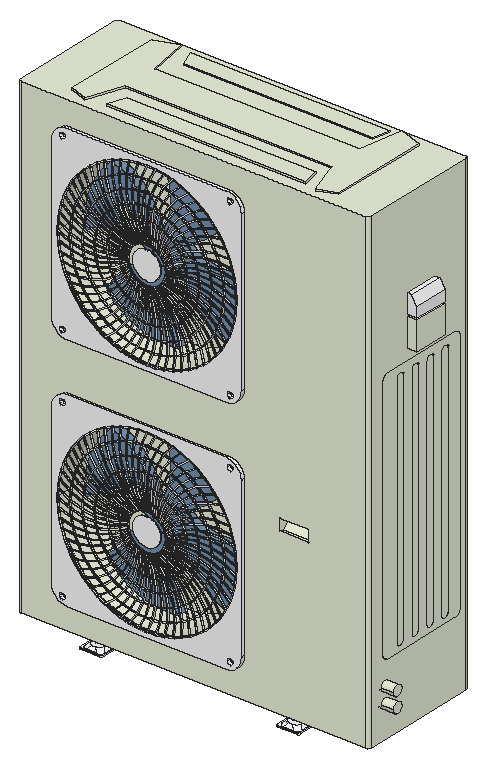
Revit family "Hydrablock P 22 30 T", category Attrezzatura meccanica, Revit 2022
Family settings
  Quota connettore circolare = Usa diametro
  Tipo di parte = Normale
  Numero OmniClass = 23.75.00.00
  Titolo OmniClass = Climate Control (HVAC)
  Basato su piano di lavoro = No
  Sempre verticale = Sì
  Taglio con vuoti quando caricato = No
  Mantieni orientamento annotazione = No
  Condiviso = No
  Punto di calcolo locali = No
Parameters (values of type "Hydrablock P 22 T")
  clearance access right = 600.000 mm
  clearance access left = 300.000 mm
  clearance access front = 3000.000 mm
  clearance access behind = 300.000 mm
  clearance [instance] = no
  Width = 1129.000 mm
  Water piping connections = 32.000 mm
  Series = "M thermal"
  Prospetto di default = 0.000 mm
  Power supply = "380-415V 3N~50Hz"
  Modello = "MHC-V22W/D2RN8"
  Minimum Circuit Amps = 24.5 A
  Min cable selection (power wiring) = "4×6 mm2 + 1×6 mm2"
  Produttore = "Midea"
  MOP (Maximum overcurrent protection) = 21 A
  Installation = "Outdoor installation"
  Height = 1558.000 mm
  Heating capacity (EWT 40⁰C, LWT 45⁰C) = 22.00 kW
  Heating capacity (EWT 30⁰C, LWT 35⁰C) = 22.00 kW
  Heating Power Input (EWT 40⁰C, LWT 45⁰C) = 6.47 kW
  Heating Power Input (EWT 30⁰C, LWT 35⁰C) = 5.00 kW
  Gas = "R32"
  Drain piping = 25.000 mm
  Descrizione = "High efficiency air cooled"
  Depth = 440.000 mm
  Cooling capacity (EWT 23⁰C, LWT 18⁰C) = 23.00 kW
  Cooling capacity (EWT 12⁰C, LWT 7⁰C) = 21.00 kW
  Cooling Power Input(EWT 12⁰C, LWT 7⁰C) = 7.12 kW
  Cooling Power Input (EWT 23⁰C, LWT 18⁰C) = 5.00 kW
  Condensation = "air"
  Compressor = "1"
  Casing color = "SB2014"
  Air Flow = 11000.00 m³/h
Types (3, lengths in mm): name | Modello | Minimum Circuit Amps | MOP (Maximum overcurrent protection) | Heating capacity (EWT 40⁰C, LWT 45⁰C) | Heating capacity (EWT 30⁰C, LWT 35⁰C) | Heating Power Input (EWT 40⁰C, LWT 45⁰C) | Heating Power Input (EWT 30⁰C, LWT 35⁰C) | Cooling capacity (EWT 23⁰C, LWT 18⁰C) | Cooling capacity (EWT 12⁰C, LWT 7⁰C) | Cooling Power Input(EWT 12⁰C, LWT 7⁰C) | Cooling Power Input (EWT 23⁰C, LWT 18⁰C) | Air Flow
  (no name) | "MHC-V22W/D2RN8" | 24.5 A | 21 A | 22.00 kW | 22.00 kW | 6.47 kW | 5.00 kW | 23.00 kW | 21.00 kW | 7.12 kW | 5.00 kW | 11000.00 m³/h
  Hydrablock P 22 T | "MHC-V22W/D2RN8" | 24.5 A | 21 A | 22.00 kW | 22.00 kW | 6.47 kW | 5.00 kW | 23.00 kW | 21.00 kW | 7.12 kW | 5.00 kW | 11000.00 m³/h
  Hydrablock P 30 T | "MHC-V30W/D2RN8" | 28.5 A | 28 A | 30.00 kW | 30.10 kW | 10.34 kW | 7.70 kW | 31.00 kW | 29.50 kW | 11.57 kW | 7.75 kW | 11300.00 m³/h
Reference planes
  plane 1 "Center (Front/Back)": y = 0
  plane 2: z = 0
  plane 3 "Center (Left/Right)": x = 0
  plane 4: y = 192.5
  plane 5: x = -564.5
  plane 6: x = 564.5
  plane 7: z = 406.5
  plane 8: z = 300.608
  plane 9: z = 578.117
  plane 10: z = 1558
  plane 11: x = -122.998
  plane 12: y = -207.5
  plane 13: y = -55
  plane 14: y = 55
  plane 15: y = -10
  plane 16: y = 100
Forms (mm)
  Extrusion 1, solid, material "Galvanized Steel", detail levels medium+fine
    sketch origin (-463, 0, 789) x (1, 0, 0) y (0, 1, 0)
      loop
        arc (-91.5, 192.5) -> (-98.571, 189.571) -> (-101.5, 182.5) r 10
        line (-101.5, 182.5) -> (-101.5, -197.5)
        arc (-101.5, -197.5) -> (-98.571, -204.571) -> (-91.5, -207.5) r 10
        line (-91.5, -207.5) -> (1017.5, -207.5)
        arc (1017.5, -207.5) -> (1024.571, -204.571) -> (1027.5, -197.5) r 10
        line (1027.5, -197.5) -> (1027.5, 182.5)
        arc (1027.5, 182.5) -> (1024.571, 189.571) -> (1017.5, 192.5) r 10
        line (1017.5, 192.5) -> (-91.5, 192.5)
    from -765 to 769
  Extrusion 2, void
    sketch origin (-20, 0, 0) x (1, 0, 0) y (0, 0, 1)
      loop
        circle (-122.999, 406.499) r 290
    from 58.354 to 277.34
  Extrusion 3, void
    sketch origin (0, -47.5, 0) x (0, 1, 0) y (0, 0, 1)
      loop
        line (-160, 592.5) -> (-160, 552.5) -> (-148.009, 552.5) -> (-130, 570.509) -> (-130, 592.5) -> (-160, 592.5)
    from 278.788 to 369.719
  Extrusion 4, void
    sketch origin (-20, 0, 770) x (1, 0, 0) y (0, 0, 1)
      loop
        circle (-122.999, 406.499) r 290
    from 58.354 to 277.34
  Extrusion 5, solid, material "Galvanized Steel", detail levels fine
    sketch origin (0, 0, 240) x (0, 1, 0) y (0, 0, 1)
      loop
        line (-55, 967.263) -> (-55, 875.722) -> (55, 875.722) -> (55, 967.263) -> (-55, 967.263)
    from 564.5 to 598.5
  Extrusion 6, solid, material "HXL White", detail levels fine
    sketch origin (118.5, 0, 337.5) x (1, 0, 0) y (0, 0, 1)
      loop
        line (446, 875.722) -> (480, 875.722) -> (480, 908.165) -> (463.548, 938.222) -> (446, 938.222) -> (446, 875.722)
    from -55 to 55
  Extrusion 7, solid, material "Galvanized Steel", detail levels fine
    sketch origin (0, 45, -658.284) x (0, 1, 0) y (0, 0, 1)
      loop
        arc (-180, 1737.414) -> (-194.142, 1731.556) -> (-200, 1717.414) r 20
        line (-200, 1717.414) -> (-200, 933.924)
        arc (-200, 933.924) -> (-194.142, 919.782) -> (-180, 913.924) r 20
        line (-180, 913.924) -> (90, 913.924)
        arc (90, 913.924) -> (104.142, 919.782) -> (110, 933.924) r 20
        line (110, 933.924) -> (110, 1717.414)
        arc (110, 1717.414) -> (104.142, 1731.556) -> (90, 1737.414) r 20
        line (90, 1737.414) -> (-180, 1737.414)
      loop
        arc (-116.046, 1703.086) -> (-131.046, 1718.086) -> (-146.046, 1703.086) r 15
        line (-146.046, 1703.086) -> (-146.046, 943.086)
        arc (-146.046, 943.086) -> (-131.046, 928.086) -> (-116.046, 943.086) r 15
        line (-116.046, 943.086) -> (-116.046, 1703.086)
      loop
        arc (-56.046, 1703.086) -> (-71.046, 1718.086) -> (-86.046, 1703.086) r 15
        line (-86.046, 1703.086) -> (-86.046, 943.086)
        arc (-86.046, 943.086) -> (-71.046, 928.086) -> (-56.046, 943.086) r 15
        line (-56.046, 943.086) -> (-56.046, 1703.086)
      loop
        arc (3.954, 1703.086) -> (-11.046, 1718.086) -> (-26.046, 1703.086) r 15
        line (-26.046, 1703.086) -> (-26.046, 943.086)
        arc (-26.046, 943.086) -> (-11.046, 928.086) -> (3.954, 943.086) r 15
        line (3.954, 943.086) -> (3.954, 1703.086)
      loop
        arc (63.954, 1703.086) -> (48.954, 1718.086) -> (33.954, 1703.086) r 15
        line (33.954, 1703.086) -> (33.954, 943.086)
        arc (33.954, 943.086) -> (48.954, 928.086) -> (63.954, 943.086) r 15
        line (63.954, 943.086) -> (63.954, 1703.086)
    from 564.5 to 568.5
  Extrusion 8, solid, material "Galvanized Steel", detail levels fine
    sketch origin (-463, 0, 1558) x (1, 0, 0) y (0, 1, 0)
      loop
        line (33, 160) -> (33, -160) -> (89.382, -180.521) -> (130.424, -67.758) -> (795.576, -67.758) -> (836.618, -180.521) -> (893, -160) -> (893, 160) -> (817.825, 187.362) -> (793.514, 49.489) -> (132.486, 49.489) -> (108.175, 187.362) -> (33, 160)
      loop
        line (153, 170) -> (173.521, 113.618) -> (783.058, 113.618) -> (793, 170) -> (153, 170)
      loop
        line (153, -170) -> (793, -170) -> (783.058, -113.618) -> (173.521, -113.618) -> (153, -170)
    from 0 to 4
  Extrusion 9, solid, material "Galvanized Steel", detail levels fine
    sketch origin (0, 0, 0) x (1, 0, 0) y (0, 0, 1)
      loop
        circle (316.607, 249.392) r 12.5
    from -236.402 to -168.174
  Extrusion 10, solid, material "Galvanized Steel", detail levels fine
    sketch origin (0, 0, 100) x (1, 0, 0) y (0, 0, 1)
      loop
        circle (316.607, 249.392) r 12.5
    from -236.402 to -168.174
  Extrusion 11, solid, material "Galvanized Steel", detail levels fine
    sketch origin (0, 0, -15) x (0, 1, 0) y (0, 0, 1)
      loop
        circle (-144.287, 145.21) r 16
    from 539.324 to 606.645
  Extrusion 12, solid, material "Galvanized Steel", detail levels fine
    sketch origin (0, 0, 35) x (0, 1, 0) y (0, 0, 1)
      loop
        circle (-144.287, 145.21) r 16
    from 539.324 to 606.645
Cuts and joins
  Extrusion 2, Extrusion 3, Extrusion 4 cuts Extrusion 1
Lines and regions (mm)
  model lines
    curve 1: line (554.5, 192.5, 1558) -> (-554.5, 192.5, 1558)
    curve 2: line (564.5, -197.5, 1558) -> (564.5, 182.5, 1558)
    curve 3: arc (554.5, -207.5, 1558) -> (561.571, -204.571, 1558) -> (564.5, -197.5, 1558) r 10
    curve 4: line (-554.5, -207.5, 1558) -> (554.5, -207.5, 1558)
    curve 5: arc (-564.5, -197.5, 1558) -> (-561.571, -204.571, 1558) -> (-554.5, -207.5, 1558) r 10
    curve 6: line (-564.5, 182.5, 1558) -> (-564.5, -197.5, 1558)
    curve 7: arc (-554.5, 192.5, 1558) -> (-561.571, 189.571, 1558) -> (-564.5, 182.5, 1558) r 10
    curve 8: line (-554.5, -207.5, 24) -> (554.5, -207.5, 24)
    curve 9: arc (554.5, -207.5, 24) -> (561.571, -204.571, 24) -> (564.5, -197.5, 24) r 10
    curve 10: line (564.5, -197.5, 24) -> (564.5, 182.5, 24)
    curve 11: arc (564.5, 182.5, 24) -> (561.571, 189.571, 24) -> (554.5, 192.5, 24) r 10
    curve 12: line (554.5, 192.5, 24) -> (-554.5, 192.5, 24)
    curve 13: arc (-554.5, 192.5, 24) -> (-561.571, 189.571, 24) -> (-564.5, 182.5, 24) r 10
    curve 14: line (-564.5, 182.5, 24) -> (-564.5, -197.5, 24)
    curve 15: arc (-564.5, -197.5, 24) -> (-561.571, -204.571, 24) -> (-554.5, -207.5, 24) r 10
    curve 16: arc (564.5, 182.5, 1558) -> (561.571, 189.571, 1558) -> (554.5, 192.5, 1558) r 10
Dimensions and locks
  aligned and locked: level to plane 2
Nested families
  nested 1: "xiaodijia2" at (318, 0, 0), type "xiaodijia2", detail levels medium+fine
  nested 2: "xiaodijia2" at (-318, 0.725, 0), type "xiaodijia2", detail levels medium+fine
  nested 3: "service space" at (-564.5, 192.5, 0), visible <- "clearance", Height <- "Height", type "Midea Service  Space"
    with Width 1129.000 mm, Height 1558.000 mm, Depth 300.000 mm
  nested 4: "service space" at (564.5, -207.5, 0), visible <- "clearance", Height <- "Height", type "Midea Service  Space"
    with Width 600.000 mm, Height 1558.000 mm, Depth 400.000 mm
  nested 5: "service space" at (-864.5, -207.5, 0), visible <- "clearance", Height <- "Height", type "Midea Service  Space"
    with Width 300.000 mm, Height 1558.000 mm, Depth 400.000 mm
  nested 6: "service space" at (-564.5, -3207.5, 0), visible <- "clearance", Height <- "Height", type "Midea Service  Space"
    with Width 1129.000 mm, Height 1558.000 mm, Depth 3000.000 mm
  nested 7: "fengkou290（quxian）" at (-143, -217.5, 406.5) x (1, 0, 0) z (0, 1, 0), type "fengkou290（quxian）", detail levels medium+fine
  nested 8: "fengshan270" at (-142.996, -100, 406.5) x (0, 0, 1) z (0, -1, 0), type "fengshan270", detail levels fine
  nested 9: "fengkou290（quxian）" at (-143, -217.5, 1176.5) x (1, 0, 0) z (0, 1, 0), type "fengkou290（quxian）", detail levels medium+fine
  nested 10: "fengshan270" at (-142.996, -100, 1176.5) x (0, 0, 1) z (0, -1, 0), type "fengshan270", detail levels fine
Connectors
  piping at (316.607, 236.402, 349.392), diameter 25
    settings: on Extrusion 10, index 1, connector inside diameter 0.98425", connector length 0.000 mm, flow factor 0, pipe flow 0 GPM, pressure drop 0.00 psi, fitting loss kfactor 0, connector angle 0.00°, fixture units 0, engagement length 0.000 mm, angle of deflection 0.00°, flow configuration 0, flow direction 0, fitting loss method 0, system type 7, joint type 0, gender type 0, connector reference index -1, connector utility 0, adjustable connector no, is connector primary yes, connector description "Drain piping"
  piping at (316.607, 236.402, 249.392), diameter 25
    settings: on Extrusion 9, index 2, connector inside diameter 0.98425", connector length 0.000 mm, flow factor 0, pipe flow 0 GPM, pressure drop 0.00 psi, fitting loss kfactor 0, connector angle 0.00°, fixture units 0, engagement length 0.000 mm, angle of deflection 0.00°, flow configuration 0, flow direction 0, fitting loss method 0, system type 7, joint type 0, gender type 0, connector reference index -1, connector utility 0, adjustable connector no, is connector primary no, connector description "Drain piping"
  piping at (606.645, -144.287, 180.21), diameter 32
    settings: on Extrusion 12, index 3, connector inside diameter 1.25984", connector length 0.000 mm, flow factor 0, pipe flow 0 GPM, pressure drop 0.00 psi, fitting loss kfactor 0, connector angle 0.00°, fixture units 0, engagement length 0.000 mm, angle of deflection 0.00°, flow configuration 0, flow direction 0, fitting loss method 0, system type 7, joint type 0, gender type 0, connector reference index -1, connector utility 0, adjustable connector no, is connector primary no, connector description "Water piping connections"
  piping at (606.645, -144.287, 130.21), diameter 32
    settings: on Extrusion 11, index 4, connector inside diameter 1.25984", connector length 0.000 mm, flow factor 0, pipe flow 0 GPM, pressure drop 0.00 psi, fitting loss kfactor 0, connector angle 0.00°, fixture units 0, engagement length 0.000 mm, angle of deflection 0.00°, flow configuration 0, flow direction 0, fitting loss method 0, system type 7, joint type 0, gender type 0, connector reference index -1, connector utility 0, adjustable connector no, is connector primary no, connector description "Water piping connections"
Definition of nested family "xiaodijia2"
  Parameters
    Default Elevation = 0.000 mm
  Reference planes
    plane 1 "Center (Front/Back)": y = 0
    plane 2: z = 0
    plane 3 "Center (Left/Right)": x = 0
    plane 4: y = 227
    plane 5: x = -36.5
    plane 6: x = 36.5
    plane 7: z = 12
    plane 8: z = 3
    plane 9: z = 24
    plane 10: y = -20
    plane 11: y = 20
    plane 12: x = 21.5
    plane 13: x = -21.5
    plane 14: y = 190
    plane 15: y = -190
    plane 16: x = -6
    plane 17: x = 6
    plane 18: y = -186
    plane 19: y = -194
  Forms (mm)
    Blend 1, solid
      base sketch origin (0, 0, 0) x (1, 0, 0) y (0, 1, 0)
        loop
          line (6.5, 212) -> (-6.5, 212)
          arc (-6.5, 212) -> (-17.107, 207.607) -> (-21.5, 197) r 15
          line (-21.5, 197) -> (-21.5, -197)
          arc (-21.5, -197) -> (-17.107, -207.607) -> (-6.5, -212) r 15
          line (-6.5, -212) -> (6.5, -212)
          arc (6.5, -212) -> (17.107, -207.607) -> (21.5, -197) r 15
          line (21.5, -197) -> (21.5, 197)
          arc (21.5, 197) -> (17.107, 207.607) -> (6.5, 212) r 15
      top sketch origin (0, 0, 0) x (1, 0, 0) y (0, 1, 0)
        loop
          line (26.5, 222) -> (-26.5, 222)
          arc (-26.5, 222) -> (-30.036, 220.536) -> (-31.5, 217) r 5
          line (-31.5, 217) -> (-31.5, -207)
          arc (-31.5, -207) -> (-27.107, -217.607) -> (-16.5, -222) r 15
          line (-16.5, -222) -> (16.5, -222)
          arc (16.5, -222) -> (27.107, -217.607) -> (31.5, -207) r 15
          line (31.5, -207) -> (31.5, 217)
          arc (31.5, 217) -> (30.036, 220.536) -> (26.5, 222) r 5
      from 12 to 3
    Blend 2, void
      base sketch origin (0, 0, 0) x (1, 0, 0) y (0, 1, 0)
        loop
          line (6.5, 202) -> (-6.5, 202)
          arc (-6.5, 202) -> (-10.036, 200.536) -> (-11.5, 197) r 5
          line (-11.5, 197) -> (-11.5, -197)
          arc (-11.5, -197) -> (-10.036, -200.536) -> (-6.5, -202) r 5
          line (-6.5, -202) -> (6.5, -202)
          arc (6.5, -202) -> (10.036, -200.536) -> (11.5, -197) r 5
          line (11.5, -197) -> (11.5, 197)
          arc (11.5, 197) -> (10.036, 200.536) -> (6.5, 202) r 5
      top sketch origin (0, 0, 0) x (1, 0, 0) y (0, 1, 0)
        loop
          line (31.5, -207) -> (31.5, 217)
          arc (31.5, 217) -> (30.036, 220.536) -> (26.5, 222) r 5
          line (26.5, 222) -> (-26.5, 222)
          arc (-26.5, 222) -> (-30.036, 220.536) -> (-31.5, 217) r 5
          line (-31.5, 217) -> (-31.5, -207)
          arc (-31.5, -207) -> (-27.107, -217.607) -> (-16.5, -222) r 15
          line (-16.5, -222) -> (16.5, -222)
          arc (16.5, -222) -> (27.107, -217.607) -> (31.5, -207) r 15
      from 8.355 to 3
    Extrusion 3, solid
      sketch origin (0, 0, 0) x (1, 0, 0) y (0, 1, 0)
        loop
          arc (-31.5, 227) -> (-35.036, 225.536) -> (-36.5, 222) r 5
          line (-36.5, 222) -> (-36.5, -222)
          arc (-36.5, -222) -> (-35.036, -225.536) -> (-31.5, -227) r 5
          line (-31.5, -227) -> (31.5, -227)
          arc (31.5, -227) -> (35.036, -225.536) -> (36.5, -222) r 5
          line (36.5, -222) -> (36.5, 222)
          arc (36.5, 222) -> (35.036, 225.536) -> (31.5, 227) r 5
          line (31.5, 227) -> (-31.5, 227)
        loop
          arc (-26.5, 222) -> (-30.036, 220.536) -> (-31.5, 217) r 5
          line (-31.5, 217) -> (-31.5, -207)
          arc (-31.5, -207) -> (-27.107, -217.607) -> (-16.5, -222) r 15
          line (-16.5, -222) -> (16.5, -222)
          arc (16.5, -222) -> (27.107, -217.607) -> (31.5, -207) r 15
          line (31.5, -207) -> (31.5, 217)
          arc (31.5, 217) -> (30.036, 220.536) -> (26.5, 222) r 5
          line (26.5, 222) -> (-26.5, 222)
      from 0 to 3
    Extrusion 4, solid
      sketch origin (0, 0, 0) x (0, 1, 0) y (0, 0, 1)
        loop
          arc (-19.275, 24) -> (-19.902, 23.667) -> (-20.264, 23.056) r 1.312
          line (-20.264, 23.056) -> (-22.833, 13.434)
          arc (-22.833, 13.434) -> (-23.437, 12.605) -> (-24.266, 12) r 3.318
          line (-24.266, 12) -> (24.266, 12)
          arc (24.266, 12) -> (23.437, 12.605) -> (22.833, 13.434) r 3.318
          line (22.833, 13.434) -> (20.264, 23.056)
          arc (20.264, 23.056) -> (19.902, 23.667) -> (19.275, 24) r 1.312
          line (19.275, 24) -> (-19.275, 24)
      from -21.5 to 21.5
    Extrusion 5, solid
      sketch origin (0, 150, 0) x (0, 1, 0) y (0, 0, 1)
        loop
          arc (-19.275, 24) -> (-19.902, 23.667) -> (-20.264, 23.056) r 1.312
          line (-20.264, 23.056) -> (-22.833, 13.434)
          arc (-22.833, 13.434) -> (-23.437, 12.605) -> (-24.266, 12) r 3.318
          line (-24.266, 12) -> (24.266, 12)
          arc (24.266, 12) -> (23.437, 12.605) -> (22.833, 13.434) r 3.318
          line (22.833, 13.434) -> (20.264, 23.056)
          arc (20.264, 23.056) -> (19.902, 23.667) -> (19.275, 24) r 1.312
          line (19.275, 24) -> (-19.275, 24)
      from -21.5 to 21.5
    Extrusion 6, solid
      sketch origin (0, -150, 0) x (0, 1, 0) y (0, 0, 1)
        loop
          arc (-19.275, 24) -> (-19.902, 23.667) -> (-20.264, 23.056) r 1.312
          line (-20.264, 23.056) -> (-22.833, 13.434)
          arc (-22.833, 13.434) -> (-23.437, 12.605) -> (-24.266, 12) r 3.318
          line (-24.266, 12) -> (24.266, 12)
          arc (24.266, 12) -> (23.437, 12.605) -> (22.833, 13.434) r 3.318
          line (22.833, 13.434) -> (20.264, 23.056)
          arc (20.264, 23.056) -> (19.902, 23.667) -> (19.275, 24) r 1.312
          line (19.275, 24) -> (-19.275, 24)
      from -21.5 to 21.5
    Extrusion 7, void
      sketch origin (0, 0, 0) x (1, 0, 0) y (0, 1, 0)
        loop
          arc (-6, -186) -> (-10, -190) -> (-6, -194) r 4
          line (-6, -194) -> (6, -194)
          arc (6, -194) -> (10, -190) -> (6, -186) r 4
          line (6, -186) -> (-6, -186)
        loop
          line (-6, 186) -> (6, 186)
          arc (6, 186) -> (10, 190) -> (6, 194) r 4
          line (6, 194) -> (-6, 194)
          arc (-6, 194) -> (-10, 190) -> (-6, 186) r 4
      from 0 to 20
  Cuts and joins
    Blend 2, Extrusion 7 cuts Blend 1
  Dimensions and locks
    aligned and locked: level to plane 2
Definition of nested family "service space"
  Parameters
    Width [instance] = 500.000 mm
    Default Elevation = 0.000 mm
    Height [instance] = 500.000 mm
    Depth [instance] = 500.000 mm
  Reference planes
    plane 1 "Center (Front/Back)": y = 0
    plane 2: z = 0
    plane 3 "Center (Left/Right)": x = 0
    plane 4: z = 500
    plane 5: y = 500
    plane 6: x = 500
  Forms (mm)
    Extrusion 1, solid
      sketch origin (0, 0, 0) x (1, 0, 0) y (0, 1, 0)
        loop
          line (0, 500) -> (0, 0) -> (500, 0) -> (500, 500) -> (0, 500)
      from 0 to 500
  Dimensions and locks
    "Width": plane 3 "Center (Left/Right)" to plane 6
    "Depth": plane 5 to plane 1 "Center (Front/Back)"
    "Height": level to plane 4
    aligned and locked: level to plane 2
    aligned and locked: plane 5 to Extrusion 1
    aligned and locked: Extrusion 1 to plane 6
    aligned and locked: Extrusion 1 to plane 3 "Center (Left/Right)"
    aligned and locked: plane 1 "Center (Front/Back)" to Extrusion 1
    aligned and locked: Extrusion 1 to plane 4
  Automatic sketch dimensions
    Extrusion 1 sketch curve to plane 3 "Center (Left/Right)" = 0.000 mm
    plane 1 "Center (Front/Back)" to Extrusion 1 sketch curve = 0.000 mm
    Extrusion 1 sketch curve to plane 6 = 0.000 mm
    Extrusion 1 sketch curve to plane 5 = 0.000 mm
Definition of nested family "fengkou290（quxian）"
  Parameters
    Series = ""
    Default Elevation = 0.000 mm
    Machine material = none
    Installation = ""
    Gas = ""
    Condensation = ""
  Reference planes
    plane 1 "Center (Front/Back)": y = 0
    plane 2: z = 0
    plane 3 "Center (Left/Right)": x = 0
  Forms (mm)
    Extrusion 1, solid, material <- "Machine material"
      sketch origin (0, 0, 0) x (1, 0, 0) y (0, 1, 0)
        loop
          circle (0, 0) r 60
        loop
          circle (0, 0) r 61
        loop
          circle (0, 0) r 88
        loop
          circle (0, 0) r 90
        loop
          circle (0, 0) r 128
        loop
          circle (0, 0) r 130
        loop
          circle (0, 0) r 168
        loop
          circle (0, 0) r 170
        loop
          circle (0, 0) r 208
        loop
          circle (0, 0) r 210
        loop
          circle (0, 0) r 250
        loop
          circle (0, 0) r 248
        loop
          circle (0, 0) r 290
        loop
          circle (0, 0) r 288
      from 0 to 2
    Extrusion 2, solid, material <- "Machine material"
      sketch origin (0, 0, 0) x (1, 0, 0) y (0, 1, 0)
        loop
          circle (0, 0) r 45
      from 0 to 2
    Extrusion 3, solid, material <- "Machine material"
      sketch origin (0, 0, 0) x (-1, 0, 0) y (0, -1, 0)
        loop
          arc (-1.5, -60) -> (-31.529, -174.798) -> (-1.5, -289.596) r 234.447
          line (-1.5, -289.596) -> (1.5, -289.596)
          arc (1.5, -289.596) -> (-28.451, -174.798) -> (1.5, -60) r 234.981
          line (1.5, -60) -> (-1.5, -60)
      from 0 to 2
    Extrusion 4, solid, material <- "Machine material"
      sketch origin (0, 0, 0) x (1, 0, 0) y (0, 1, 0)
        loop
          arc (-1.5, -60) -> (-31.529, -174.798) -> (-1.5, -289.596) r 234.447
          line (-1.5, -289.596) -> (1.5, -289.596)
          arc (1.5, -289.596) -> (-28.451, -174.798) -> (1.5, -60) r 234.981
          line (1.5, -60) -> (-1.5, -60)
      from 0 to 2
    Extrusion 5, solid, material <- "Machine material"
      sketch origin (0, 0, 0) x (0, -1, 0) y (1, 0, 0)
        loop
          arc (-1.5, -60) -> (-31.529, -174.798) -> (-1.5, -289.596) r 234.447
          line (-1.5, -289.596) -> (1.5, -289.596)
          arc (1.5, -289.596) -> (-28.451, -174.798) -> (1.5, -60) r 234.981
          line (1.5, -60) -> (-1.5, -60)
      from 0 to 2
    Extrusion 6, solid, material <- "Machine material"
      sketch origin (0, 0, 0) x (0, 1, 0) y (-1, 0, 0)
        loop
          arc (-1.5, -60) -> (-31.529, -174.798) -> (-1.5, -289.596) r 234.447
          line (-1.5, -289.596) -> (1.5, -289.596)
          arc (1.5, -289.596) -> (-28.451, -174.798) -> (1.5, -60) r 234.981
          line (1.5, -60) -> (-1.5, -60)
      from 0 to 2
    Extrusion 7, solid, material <- "Machine material"
      sketch origin (0, 0, 0) x (-0.707107, -0.707107, 0) y (0.707107, -0.707107, 0)
        loop
          arc (-1.5, -60) -> (-31.529, -174.798) -> (-1.5, -289.596) r 234.447
          line (-1.5, -289.596) -> (1.5, -289.596)
          arc (1.5, -289.596) -> (-28.451, -174.798) -> (1.5, -60) r 234.981
          line (1.5, -60) -> (-1.5, -60)
      from 0 to 2
    Extrusion 8, solid, material <- "Machine material"
      sketch origin (0, 0, 0) x (0.707107, 0.707107, 0) y (-0.707107, 0.707107, 0)
        loop
          arc (-1.5, -60) -> (-31.529, -174.798) -> (-1.5, -289.596) r 234.447
          line (-1.5, -289.596) -> (1.5, -289.596)
          arc (1.5, -289.596) -> (-28.451, -174.798) -> (1.5, -60) r 234.981
          line (1.5, -60) -> (-1.5, -60)
      from 0 to 2
    Extrusion 9, solid, material <- "Machine material"
      sketch origin (0, 0, 0) x (0.707107, -0.707107, 0) y (0.707107, 0.707107, 0)
        loop
          arc (-1.5, -60) -> (-31.529, -174.798) -> (-1.5, -289.596) r 234.447
          line (-1.5, -289.596) -> (1.5, -289.596)
          arc (1.5, -289.596) -> (-28.451, -174.798) -> (1.5, -60) r 234.981
          line (1.5, -60) -> (-1.5, -60)
      from 0 to 2
    Extrusion 10, solid, material <- "Machine material"
      sketch origin (0, 0, 0) x (-0.707107, 0.707107, 0) y (-0.707107, -0.707107, 0)
        loop
          arc (-1.5, -60) -> (-31.529, -174.798) -> (-1.5, -289.596) r 234.447
          line (-1.5, -289.596) -> (1.5, -289.596)
          arc (1.5, -289.596) -> (-28.451, -174.798) -> (1.5, -60) r 234.981
          line (1.5, -60) -> (-1.5, -60)
      from 0 to 2
    Extrusion 11, solid, material <- "Machine material"
      sketch origin (0, 0, 0) x (-0.92388, -0.382683, 0) y (0.382683, -0.92388, 0)
        loop
          arc (-1.5, -60) -> (-31.529, -174.798) -> (-1.5, -289.596) r 234.447
          line (-1.5, -289.596) -> (1.5, -289.596)
          arc (1.5, -289.596) -> (-28.451, -174.798) -> (1.5, -60) r 234.981
          line (1.5, -60) -> (-1.5, -60)
      from 0 to 2
    Extrusion 12, solid, material <- "Machine material"
      sketch origin (0, 0, 0) x (0.92388, 0.382683, 0) y (-0.382683, 0.92388, 0)
        loop
          arc (-1.5, -60) -> (-31.529, -174.798) -> (-1.5, -289.596) r 234.447
          line (-1.5, -289.596) -> (1.5, -289.596)
          arc (1.5, -289.596) -> (-28.451, -174.798) -> (1.5, -60) r 234.981
          line (1.5, -60) -> (-1.5, -60)
      from 0 to 2
    Extrusion 13, solid, material <- "Machine material"
      sketch origin (0, 0, 0) x (0.382683, -0.92388, 0) y (0.92388, 0.382683, 0)
        loop
          arc (-1.5, -60) -> (-31.529, -174.798) -> (-1.5, -289.596) r 234.447
          line (-1.5, -289.596) -> (1.5, -289.596)
          arc (1.5, -289.596) -> (-28.451, -174.798) -> (1.5, -60) r 234.981
          line (1.5, -60) -> (-1.5, -60)
      from 0 to 2
    Extrusion 14, solid, material <- "Machine material"
      sketch origin (0, 0, 0) x (-0.382683, 0.92388, 0) y (-0.92388, -0.382683, 0)
        loop
          arc (-1.5, -60) -> (-31.529, -174.798) -> (-1.5, -289.596) r 234.447
          line (-1.5, -289.596) -> (1.5, -289.596)
          arc (1.5, -289.596) -> (-28.451, -174.798) -> (1.5, -60) r 234.981
          line (1.5, -60) -> (-1.5, -60)
      from 0 to 2
    Extrusion 15, solid, material <- "Machine material"
      sketch origin (0, 0, 0) x (-0.382683, -0.92388, 0) y (0.92388, -0.382683, 0)
        loop
          arc (-1.5, -60) -> (-31.529, -174.798) -> (-1.5, -289.596) r 234.447
          line (-1.5, -289.596) -> (1.5, -289.596)
          arc (1.5, -289.596) -> (-28.451, -174.798) -> (1.5, -60) r 234.981
          line (1.5, -60) -> (-1.5, -60)
      from 0 to 2
    Extrusion 16, solid, material <- "Machine material"
      sketch origin (0, 0, 0) x (0.382683, 0.92388, 0) y (-0.92388, 0.382683, 0)
        loop
          arc (-1.5, -60) -> (-31.529, -174.798) -> (-1.5, -289.596) r 234.447
          line (-1.5, -289.596) -> (1.5, -289.596)
          arc (1.5, -289.596) -> (-28.451, -174.798) -> (1.5, -60) r 234.981
          line (1.5, -60) -> (-1.5, -60)
      from 0 to 2
    Extrusion 17, solid, material <- "Machine material"
      sketch origin (0, 0, 0) x (0.92388, -0.382683, 0) y (0.382683, 0.92388, 0)
        loop
          arc (-1.5, -60) -> (-31.529, -174.798) -> (-1.5, -289.596) r 234.447
          line (-1.5, -289.596) -> (1.5, -289.596)
          arc (1.5, -289.596) -> (-28.451, -174.798) -> (1.5, -60) r 234.981
          line (1.5, -60) -> (-1.5, -60)
      from 0 to 2
    Extrusion 18, solid, material <- "Machine material"
      sketch origin (0, 0, 0) x (-0.92388, 0.382683, 0) y (-0.382683, -0.92388, 0)
        loop
          arc (-1.5, -60) -> (-31.529, -174.798) -> (-1.5, -289.596) r 234.447
          line (-1.5, -289.596) -> (1.5, -289.596)
          arc (1.5, -289.596) -> (-28.451, -174.798) -> (1.5, -60) r 234.981
          line (1.5, -60) -> (-1.5, -60)
      from 0 to 2
    Extrusion 19, solid, material <- "Machine material"
      sketch origin (0, 0, 0) x (-0.980785, -0.19509, 0) y (0.19509, -0.980785, 0)
        loop
          arc (-1.5, -60) -> (-31.529, -174.798) -> (-1.5, -289.596) r 234.447
          line (-1.5, -289.596) -> (1.5, -289.596)
          arc (1.5, -289.596) -> (-28.451, -174.798) -> (1.5, -60) r 234.981
          line (1.5, -60) -> (-1.5, -60)
      from 0 to 2
    Extrusion 20, solid, material <- "Machine material"
      sketch origin (0, 0, 0) x (0.980785, 0.19509, 0) y (-0.19509, 0.980785, 0)
        loop
          arc (-1.5, -60) -> (-31.529, -174.798) -> (-1.5, -289.596) r 234.447
          line (-1.5, -289.596) -> (1.5, -289.596)
          arc (1.5, -289.596) -> (-28.451, -174.798) -> (1.5, -60) r 234.981
          line (1.5, -60) -> (-1.5, -60)
      from 0 to 2
    Extrusion 21, solid, material <- "Machine material"
      sketch origin (0, 0, 0) x (0.19509, -0.980785, 0) y (0.980785, 0.19509, 0)
        loop
          arc (-1.5, -60) -> (-31.529, -174.798) -> (-1.5, -289.596) r 234.447
          line (-1.5, -289.596) -> (1.5, -289.596)
          arc (1.5, -289.596) -> (-28.451, -174.798) -> (1.5, -60) r 234.981
          line (1.5, -60) -> (-1.5, -60)
      from 0 to 2
    Extrusion 22, solid, material <- "Machine material"
      sketch origin (0, 0, 0) x (-0.19509, 0.980785, 0) y (-0.980785, -0.19509, 0)
        loop
          arc (-1.5, -60) -> (-31.529, -174.798) -> (-1.5, -289.596) r 234.447
          line (-1.5, -289.596) -> (1.5, -289.596)
          arc (1.5, -289.596) -> (-28.451, -174.798) -> (1.5, -60) r 234.981
          line (1.5, -60) -> (-1.5, -60)
      from 0 to 2
    Extrusion 23, solid, material <- "Machine material"
      sketch origin (0, 0, 0) x (-0.55557, -0.83147, 0) y (0.83147, -0.55557, 0)
        loop
          arc (-1.5, -60) -> (-31.529, -174.798) -> (-1.5, -289.596) r 234.447
          line (-1.5, -289.596) -> (1.5, -289.596)
          arc (1.5, -289.596) -> (-28.451, -174.798) -> (1.5, -60) r 234.981
          line (1.5, -60) -> (-1.5, -60)
      from 0 to 2
    Extrusion 24, solid, material <- "Machine material"
      sketch origin (0, 0, 0) x (0.55557, 0.83147, 0) y (-0.83147, 0.55557, 0)
        loop
          arc (-1.5, -60) -> (-31.529, -174.798) -> (-1.5, -289.596) r 234.447
          line (-1.5, -289.596) -> (1.5, -289.596)
          arc (1.5, -289.596) -> (-28.451, -174.798) -> (1.5, -60) r 234.981
          line (1.5, -60) -> (-1.5, -60)
      from 0 to 2
    Extrusion 25, solid, material <- "Machine material"
      sketch origin (0, 0, 0) x (0.83147, -0.55557, 0) y (0.55557, 0.83147, 0)
        loop
          arc (-1.5, -60) -> (-31.529, -174.798) -> (-1.5, -289.596) r 234.447
          line (-1.5, -289.596) -> (1.5, -289.596)
          arc (1.5, -289.596) -> (-28.451, -174.798) -> (1.5, -60) r 234.981
          line (1.5, -60) -> (-1.5, -60)
      from 0 to 2
    Extrusion 26, solid, material <- "Machine material"
      sketch origin (0, 0, 0) x (-0.83147, 0.55557, 0) y (-0.55557, -0.83147, 0)
        loop
          arc (-1.5, -60) -> (-31.529, -174.798) -> (-1.5, -289.596) r 234.447
          line (-1.5, -289.596) -> (1.5, -289.596)
          arc (1.5, -289.596) -> (-28.451, -174.798) -> (1.5, -60) r 234.981
          line (1.5, -60) -> (-1.5, -60)
      from 0 to 2
    Extrusion 27, solid, material <- "Machine material"
      sketch origin (0, 0, 0) x (-0.83147, -0.55557, 0) y (0.55557, -0.83147, 0)
        loop
          arc (-1.5, -60) -> (-31.529, -174.798) -> (-1.5, -289.596) r 234.447
          line (-1.5, -289.596) -> (1.5, -289.596)
          arc (1.5, -289.596) -> (-28.451, -174.798) -> (1.5, -60) r 234.981
          line (1.5, -60) -> (-1.5, -60)
      from 0 to 2
    Extrusion 28, solid, material <- "Machine material"
      sketch origin (0, 0, 0) x (0.83147, 0.55557, 0) y (-0.55557, 0.83147, 0)
        loop
          arc (-1.5, -60) -> (-31.529, -174.798) -> (-1.5, -289.596) r 234.447
          line (-1.5, -289.596) -> (1.5, -289.596)
          arc (1.5, -289.596) -> (-28.451, -174.798) -> (1.5, -60) r 234.981
          line (1.5, -60) -> (-1.5, -60)
      from 0 to 2
    Extrusion 29, solid, material <- "Machine material"
      sketch origin (0, 0, 0) x (0.55557, -0.83147, 0) y (0.83147, 0.55557, 0)
        loop
          arc (-1.5, -60) -> (-31.529, -174.798) -> (-1.5, -289.596) r 234.447
          line (-1.5, -289.596) -> (1.5, -289.596)
          arc (1.5, -289.596) -> (-28.451, -174.798) -> (1.5, -60) r 234.981
          line (1.5, -60) -> (-1.5, -60)
      from 0 to 2
    Extrusion 30, solid, material <- "Machine material"
      sketch origin (0, 0, 0) x (-0.55557, 0.83147, 0) y (-0.83147, -0.55557, 0)
        loop
          arc (-1.5, -60) -> (-31.529, -174.798) -> (-1.5, -289.596) r 234.447
          line (-1.5, -289.596) -> (1.5, -289.596)
          arc (1.5, -289.596) -> (-28.451, -174.798) -> (1.5, -60) r 234.981
          line (1.5, -60) -> (-1.5, -60)
      from 0 to 2
    Extrusion 31, solid, material <- "Machine material"
      sketch origin (0, 0, 0) x (-0.19509, -0.980785, 0) y (0.980785, -0.19509, 0)
        loop
          arc (-1.5, -60) -> (-31.529, -174.798) -> (-1.5, -289.596) r 234.447
          line (-1.5, -289.596) -> (1.5, -289.596)
          arc (1.5, -289.596) -> (-28.451, -174.798) -> (1.5, -60) r 234.981
          line (1.5, -60) -> (-1.5, -60)
      from 0 to 2
    Extrusion 32, solid, material <- "Machine material"
      sketch origin (0, 0, 0) x (0.19509, 0.980785, 0) y (-0.980785, 0.19509, 0)
        loop
          arc (-1.5, -60) -> (-31.529, -174.798) -> (-1.5, -289.596) r 234.447
          line (-1.5, -289.596) -> (1.5, -289.596)
          arc (1.5, -289.596) -> (-28.451, -174.798) -> (1.5, -60) r 234.981
          line (1.5, -60) -> (-1.5, -60)
      from 0 to 2
    Extrusion 33, solid, material <- "Machine material"
      sketch origin (0, 0, 0) x (0.980785, -0.19509, 0) y (0.19509, 0.980785, 0)
        loop
          arc (-1.5, -60) -> (-31.529, -174.798) -> (-1.5, -289.596) r 234.447
          line (-1.5, -289.596) -> (1.5, -289.596)
          arc (1.5, -289.596) -> (-28.451, -174.798) -> (1.5, -60) r 234.981
          line (1.5, -60) -> (-1.5, -60)
      from 0 to 2
    Extrusion 34, solid, material <- "Machine material"
      sketch origin (0, 0, 0) x (-0.980785, 0.19509, 0) y (-0.19509, -0.980785, 0)
        loop
          arc (-1.5, -60) -> (-31.529, -174.798) -> (-1.5, -289.596) r 234.447
          line (-1.5, -289.596) -> (1.5, -289.596)
          arc (1.5, -289.596) -> (-28.451, -174.798) -> (1.5, -60) r 234.981
          line (1.5, -60) -> (-1.5, -60)
      from 0 to 2
    Extrusion 35, solid, material <- "Machine material"
      sketch origin (0, 0, 0) x (-0.995185, -0.098017, 0) y (0.098017, -0.995185, 0)
        loop
          arc (-1.5, -60) -> (-31.529, -174.798) -> (-1.5, -289.596) r 234.447
          line (-1.5, -289.596) -> (1.5, -289.596)
          arc (1.5, -289.596) -> (-28.451, -174.798) -> (1.5, -60) r 234.981
          line (1.5, -60) -> (-1.5, -60)
      from 0 to 2
    Extrusion 36, solid, material <- "Machine material"
      sketch origin (0, 0, 0) x (0.995185, 0.098017, 0) y (-0.098017, 0.995185, 0)
        loop
          arc (-1.5, -60) -> (-31.529, -174.798) -> (-1.5, -289.596) r 234.447
          line (-1.5, -289.596) -> (1.5, -289.596)
          arc (1.5, -289.596) -> (-28.451, -174.798) -> (1.5, -60) r 234.981
          line (1.5, -60) -> (-1.5, -60)
      from 0 to 2
    Extrusion 37, solid, material <- "Machine material"
      sketch origin (0, 0, 0) x (0.098017, -0.995185, 0) y (0.995185, 0.098017, 0)
        loop
          arc (-1.5, -60) -> (-31.529, -174.798) -> (-1.5, -289.596) r 234.447
          line (-1.5, -289.596) -> (1.5, -289.596)
          arc (1.5, -289.596) -> (-28.451, -174.798) -> (1.5, -60) r 234.981
          line (1.5, -60) -> (-1.5, -60)
      from 0 to 2
    Extrusion 38, solid, material <- "Machine material"
      sketch origin (0, 0, 0) x (-0.098017, 0.995185, 0) y (-0.995185, -0.098017, 0)
        loop
          arc (-1.5, -60) -> (-31.529, -174.798) -> (-1.5, -289.596) r 234.447
          line (-1.5, -289.596) -> (1.5, -289.596)
          arc (1.5, -289.596) -> (-28.451, -174.798) -> (1.5, -60) r 234.981
          line (1.5, -60) -> (-1.5, -60)
      from 0 to 2
    Extrusion 39, solid, material <- "Machine material"
      sketch origin (0, 0, 0) x (-0.634393, -0.77301, 0) y (0.77301, -0.634393, 0)
        loop
          arc (-1.5, -60) -> (-31.529, -174.798) -> (-1.5, -289.596) r 234.447
          line (-1.5, -289.596) -> (1.5, -289.596)
          arc (1.5, -289.596) -> (-28.451, -174.798) -> (1.5, -60) r 234.981
          line (1.5, -60) -> (-1.5, -60)
      from 0 to 2
    Extrusion 40, solid, material <- "Machine material"
      sketch origin (0, 0, 0) x (0.634393, 0.77301, 0) y (-0.77301, 0.634393, 0)
        loop
          arc (-1.5, -60) -> (-31.529, -174.798) -> (-1.5, -289.596) r 234.447
          line (-1.5, -289.596) -> (1.5, -289.596)
          arc (1.5, -289.596) -> (-28.451, -174.798) -> (1.5, -60) r 234.981
          line (1.5, -60) -> (-1.5, -60)
      from 0 to 2
    Extrusion 41, solid, material <- "Machine material"
      sketch origin (0, 0, 0) x (0.77301, -0.634393, 0) y (0.634393, 0.77301, 0)
        loop
          arc (-1.5, -60) -> (-31.529, -174.798) -> (-1.5, -289.596) r 234.447
          line (-1.5, -289.596) -> (1.5, -289.596)
          arc (1.5, -289.596) -> (-28.451, -174.798) -> (1.5, -60) r 234.981
          line (1.5, -60) -> (-1.5, -60)
      from 0 to 2
    Extrusion 42, solid, material <- "Machine material"
      sketch origin (0, 0, 0) x (-0.77301, 0.634393, 0) y (-0.634393, -0.77301, 0)
        loop
          arc (-1.5, -60) -> (-31.529, -174.798) -> (-1.5, -289.596) r 234.447
          line (-1.5, -289.596) -> (1.5, -289.596)
          arc (1.5, -289.596) -> (-28.451, -174.798) -> (1.5, -60) r 234.981
          line (1.5, -60) -> (-1.5, -60)
      from 0 to 2
    Extrusion 43, solid, material <- "Machine material"
      sketch origin (0, 0, 0) x (-0.881921, -0.471397, 0) y (0.471397, -0.881921, 0)
        loop
          arc (-1.5, -60) -> (-31.529, -174.798) -> (-1.5, -289.596) r 234.447
          line (-1.5, -289.596) -> (1.5, -289.596)
          arc (1.5, -289.596) -> (-28.451, -174.798) -> (1.5, -60) r 234.981
          line (1.5, -60) -> (-1.5, -60)
      from 0 to 2
    Extrusion 44, solid, material <- "Machine material"
      sketch origin (0, 0, 0) x (0.881921, 0.471397, 0) y (-0.471397, 0.881921, 0)
        loop
          arc (-1.5, -60) -> (-31.529, -174.798) -> (-1.5, -289.596) r 234.447
          line (-1.5, -289.596) -> (1.5, -289.596)
          arc (1.5, -289.596) -> (-28.451, -174.798) -> (1.5, -60) r 234.981
          line (1.5, -60) -> (-1.5, -60)
      from 0 to 2
    Extrusion 45, solid, material <- "Machine material"
      sketch origin (0, 0, 0) x (0.471397, -0.881921, 0) y (0.881921, 0.471397, 0)
        loop
          arc (-1.5, -60) -> (-31.529, -174.798) -> (-1.5, -289.596) r 234.447
          line (-1.5, -289.596) -> (1.5, -289.596)
          arc (1.5, -289.596) -> (-28.451, -174.798) -> (1.5, -60) r 234.981
          line (1.5, -60) -> (-1.5, -60)
      from 0 to 2
    Extrusion 46, solid, material <- "Machine material"
      sketch origin (0, 0, 0) x (-0.471397, 0.881921, 0) y (-0.881921, -0.471397, 0)
        loop
          arc (-1.5, -60) -> (-31.529, -174.798) -> (-1.5, -289.596) r 234.447
          line (-1.5, -289.596) -> (1.5, -289.596)
          arc (1.5, -289.596) -> (-28.451, -174.798) -> (1.5, -60) r 234.981
          line (1.5, -60) -> (-1.5, -60)
      from 0 to 2
    Extrusion 47, solid, material <- "Machine material"
      sketch origin (0, 0, 0) x (-0.290285, -0.95694, 0) y (0.95694, -0.290285, 0)
        loop
          arc (-1.5, -60) -> (-31.529, -174.798) -> (-1.5, -289.596) r 234.447
          line (-1.5, -289.596) -> (1.5, -289.596)
          arc (1.5, -289.596) -> (-28.451, -174.798) -> (1.5, -60) r 234.981
          line (1.5, -60) -> (-1.5, -60)
      from 0 to 2
    Extrusion 48, solid, material <- "Machine material"
      sketch origin (0, 0, 0) x (0.290285, 0.95694, 0) y (-0.95694, 0.290285, 0)
        loop
          arc (-1.5, -60) -> (-31.529, -174.798) -> (-1.5, -289.596) r 234.447
          line (-1.5, -289.596) -> (1.5, -289.596)
          arc (1.5, -289.596) -> (-28.451, -174.798) -> (1.5, -60) r 234.981
          line (1.5, -60) -> (-1.5, -60)
      from 0 to 2
    Extrusion 49, solid, material <- "Machine material"
      sketch origin (0, 0, 0) x (0.95694, -0.290285, 0) y (0.290285, 0.95694, 0)
        loop
          arc (-1.5, -60) -> (-31.529, -174.798) -> (-1.5, -289.596) r 234.447
          line (-1.5, -289.596) -> (1.5, -289.596)
          arc (1.5, -289.596) -> (-28.451, -174.798) -> (1.5, -60) r 234.981
          line (1.5, -60) -> (-1.5, -60)
      from 0 to 2
    Extrusion 50, solid, material <- "Machine material"
      sketch origin (0, 0, 0) x (-0.95694, 0.290285, 0) y (-0.290285, -0.95694, 0)
        loop
          arc (-1.5, -60) -> (-31.529, -174.798) -> (-1.5, -289.596) r 234.447
          line (-1.5, -289.596) -> (1.5, -289.596)
          arc (1.5, -289.596) -> (-28.451, -174.798) -> (1.5, -60) r 234.981
          line (1.5, -60) -> (-1.5, -60)
      from 0 to 2
    Extrusion 51, solid, material <- "Machine material"
      sketch origin (0, 0, 0) x (-0.95694, -0.290285, 0) y (0.290285, -0.95694, 0)
        loop
          arc (-1.5, -60) -> (-31.529, -174.798) -> (-1.5, -289.596) r 234.447
          line (-1.5, -289.596) -> (1.5, -289.596)
          arc (1.5, -289.596) -> (-28.451, -174.798) -> (1.5, -60) r 234.981
          line (1.5, -60) -> (-1.5, -60)
      from 0 to 2
    Extrusion 52, solid, material <- "Machine material"
      sketch origin (0, 0, 0) x (0.95694, 0.290285, 0) y (-0.290285, 0.95694, 0)
        loop
          arc (-1.5, -60) -> (-31.529, -174.798) -> (-1.5, -289.596) r 234.447
          line (-1.5, -289.596) -> (1.5, -289.596)
          arc (1.5, -289.596) -> (-28.451, -174.798) -> (1.5, -60) r 234.981
          line (1.5, -60) -> (-1.5, -60)
      from 0 to 2
    Extrusion 53, solid, material <- "Machine material"
      sketch origin (0, 0, 0) x (0.290285, -0.95694, 0) y (0.95694, 0.290285, 0)
        loop
          arc (-1.5, -60) -> (-31.529, -174.798) -> (-1.5, -289.596) r 234.447
          line (-1.5, -289.596) -> (1.5, -289.596)
          arc (1.5, -289.596) -> (-28.451, -174.798) -> (1.5, -60) r 234.981
          line (1.5, -60) -> (-1.5, -60)
      from 0 to 2
    Extrusion 54, solid, material <- "Machine material"
      sketch origin (0, 0, 0) x (-0.290285, 0.95694, 0) y (-0.95694, -0.290285, 0)
        loop
          arc (-1.5, -60) -> (-31.529, -174.798) -> (-1.5, -289.596) r 234.447
          line (-1.5, -289.596) -> (1.5, -289.596)
          arc (1.5, -289.596) -> (-28.451, -174.798) -> (1.5, -60) r 234.981
          line (1.5, -60) -> (-1.5, -60)
      from 0 to 2
    Extrusion 55, solid, material <- "Machine material"
      sketch origin (0, 0, 0) x (-0.471397, -0.881921, 0) y (0.881921, -0.471397, 0)
        loop
          arc (-1.5, -60) -> (-31.529, -174.798) -> (-1.5, -289.596) r 234.447
          line (-1.5, -289.596) -> (1.5, -289.596)
          arc (1.5, -289.596) -> (-28.451, -174.798) -> (1.5, -60) r 234.981
          line (1.5, -60) -> (-1.5, -60)
      from 0 to 2
    Extrusion 56, solid, material <- "Machine material"
      sketch origin (0, 0, 0) x (0.471397, 0.881921, 0) y (-0.881921, 0.471397, 0)
        loop
          arc (-1.5, -60) -> (-31.529, -174.798) -> (-1.5, -289.596) r 234.447
          line (-1.5, -289.596) -> (1.5, -289.596)
          arc (1.5, -289.596) -> (-28.451, -174.798) -> (1.5, -60) r 234.981
          line (1.5, -60) -> (-1.5, -60)
      from 0 to 2
    Extrusion 57, solid, material <- "Machine material"
      sketch origin (0, 0, 0) x (0.881921, -0.471397, 0) y (0.471397, 0.881921, 0)
        loop
          arc (-1.5, -60) -> (-31.529, -174.798) -> (-1.5, -289.596) r 234.447
          line (-1.5, -289.596) -> (1.5, -289.596)
          arc (1.5, -289.596) -> (-28.451, -174.798) -> (1.5, -60) r 234.981
          line (1.5, -60) -> (-1.5, -60)
      from 0 to 2
    Extrusion 58, solid, material <- "Machine material"
      sketch origin (0, 0, 0) x (-0.881921, 0.471397, 0) y (-0.471397, -0.881921, 0)
        loop
          arc (-1.5, -60) -> (-31.529, -174.798) -> (-1.5, -289.596) r 234.447
          line (-1.5, -289.596) -> (1.5, -289.596)
          arc (1.5, -289.596) -> (-28.451, -174.798) -> (1.5, -60) r 234.981
          line (1.5, -60) -> (-1.5, -60)
      from 0 to 2
    Extrusion 59, solid, material <- "Machine material"
      sketch origin (0, 0, 0) x (-0.77301, -0.634393, 0) y (0.634393, -0.77301, 0)
        loop
          arc (-1.5, -60) -> (-31.529, -174.798) -> (-1.5, -289.596) r 234.447
          line (-1.5, -289.596) -> (1.5, -289.596)
          arc (1.5, -289.596) -> (-28.451, -174.798) -> (1.5, -60) r 234.981
          line (1.5, -60) -> (-1.5, -60)
      from 0 to 2
    Extrusion 60, solid, material <- "Machine material"
      sketch origin (0, 0, 0) x (0.77301, 0.634393, 0) y (-0.634393, 0.77301, 0)
        loop
          arc (-1.5, -60) -> (-31.529, -174.798) -> (-1.5, -289.596) r 234.447
          line (-1.5, -289.596) -> (1.5, -289.596)
          arc (1.5, -289.596) -> (-28.451, -174.798) -> (1.5, -60) r 234.981
          line (1.5, -60) -> (-1.5, -60)
      from 0 to 2
    Extrusion 61, solid, material <- "Machine material"
      sketch origin (0, 0, 0) x (0.634393, -0.77301, 0) y (0.77301, 0.634393, 0)
        loop
          arc (-1.5, -60) -> (-31.529, -174.798) -> (-1.5, -289.596) r 234.447
          line (-1.5, -289.596) -> (1.5, -289.596)
          arc (1.5, -289.596) -> (-28.451, -174.798) -> (1.5, -60) r 234.981
          line (1.5, -60) -> (-1.5, -60)
      from 0 to 2
    Extrusion 62, solid, material <- "Machine material"
      sketch origin (0, 0, 0) x (-0.634393, 0.77301, 0) y (-0.77301, -0.634393, 0)
        loop
          arc (-1.5, -60) -> (-31.529, -174.798) -> (-1.5, -289.596) r 234.447
          line (-1.5, -289.596) -> (1.5, -289.596)
          arc (1.5, -289.596) -> (-28.451, -174.798) -> (1.5, -60) r 234.981
          line (1.5, -60) -> (-1.5, -60)
      from 0 to 2
    Extrusion 63, solid, material <- "Machine material"
      sketch origin (0, 0, 0) x (-0.098017, -0.995185, 0) y (0.995185, -0.098017, 0)
        loop
          arc (-1.5, -60) -> (-31.529, -174.798) -> (-1.5, -289.596) r 234.447
          line (-1.5, -289.596) -> (1.5, -289.596)
          arc (1.5, -289.596) -> (-28.451, -174.798) -> (1.5, -60) r 234.981
          line (1.5, -60) -> (-1.5, -60)
      from 0 to 2
    Extrusion 64, solid, material <- "Machine material"
      sketch origin (0, 0, 0) x (0.098017, 0.995185, 0) y (-0.995185, 0.098017, 0)
        loop
          arc (-1.5, -60) -> (-31.529, -174.798) -> (-1.5, -289.596) r 234.447
          line (-1.5, -289.596) -> (1.5, -289.596)
          arc (1.5, -289.596) -> (-28.451, -174.798) -> (1.5, -60) r 234.981
          line (1.5, -60) -> (-1.5, -60)
      from 0 to 2
    Extrusion 65, solid, material <- "Machine material"
      sketch origin (0, 0, 0) x (0.995185, -0.098017, 0) y (0.098017, 0.995185, 0)
        loop
          arc (-1.5, -60) -> (-31.529, -174.798) -> (-1.5, -289.596) r 234.447
          line (-1.5, -289.596) -> (1.5, -289.596)
          arc (1.5, -289.596) -> (-28.451, -174.798) -> (1.5, -60) r 234.981
          line (1.5, -60) -> (-1.5, -60)
      from 0 to 2
    Extrusion 66, solid, material <- "Machine material"
      sketch origin (0, 0, 0) x (-0.995185, 0.098017, 0) y (-0.098017, -0.995185, 0)
        loop
          arc (-1.5, -60) -> (-31.529, -174.798) -> (-1.5, -289.596) r 234.447
          line (-1.5, -289.596) -> (1.5, -289.596)
          arc (1.5, -289.596) -> (-28.451, -174.798) -> (1.5, -60) r 234.981
          line (1.5, -60) -> (-1.5, -60)
      from 0 to 2
    Extrusion 67, solid, material <- "Machine material"
      sketch origin (0, 0, 0) x (1, 0, 0) y (0, 1, 0)
        loop
          arc (-255.5, 305.5) -> (-290.855, 290.855) -> (-305.5, 255.5) r 50
          line (-305.5, 255.5) -> (-305.5, -255.5)
          arc (-305.5, -255.5) -> (-290.855, -290.855) -> (-255.5, -305.5) r 50
          line (-255.5, -305.5) -> (255.5, -305.5)
          arc (255.5, -305.5) -> (290.855, -290.855) -> (305.5, -255.5) r 50
          line (305.5, -255.5) -> (305.5, 255.5)
          arc (305.5, 255.5) -> (290.855, 290.855) -> (255.5, 305.5) r 50
          line (255.5, 305.5) -> (-255.5, 305.5)
        loop
          circle (0, 0) r 290
      from 0 to 10
    Extrusion 68, void
      sketch origin (0, 0, 0) x (1, 0, 0) y (0, 1, 0)
        loop
          circle (270.495, 279.995) r 10
        loop
          circle (-270.495, 279.995) r 10
        loop
          circle (270.495, -279.995) r 10
        loop
          circle (-270.495, -279.995) r 10
      from 0 to 10
  Cuts and joins
    Extrusion 68 cuts Extrusion 67
  Dimensions and locks
    aligned and locked: level to plane 2
Definition of nested family "fengshan270"
  Parameters
    Default Elevation = 0.000 mm
  Reference planes
    plane 1 "Center (Front/Back)": y = 0
    plane 2: z = 0
    plane 3 "Center (Left/Right)": x = 0
  Forms (mm)
    Extrusion 1, solid
      sketch origin (0, 0, 0) x (1, 0, 0) y (0, 1, 0)
        loop
          circle (0, 0) r 50
      from 0 to 30
    Extrusion 2, solid
      sketch origin (-20, 0, 0) x (0, -1, 0) y (1, 0, 0)
        loop
          arc (32.105, 288.084) -> (-94.042, 273.093) -> (-199.371, 202.075) r 270
          arc (-199.371, 202.075) -> (-134.798, 110.882) -> (-35, 60.622) r 231.205
          arc (-35, 60.622) -> (0, 70) -> (35, 60.622) r 70
          arc (35, 60.622) -> (-8.793, 173.814) -> (32.105, 288.084) r 173.918
      from 0 to 30
    Extrusion 3, solid
      sketch origin (20, 0, 0) x (0, 1, 0) y (-1, 0, 0)
        loop
          arc (32.105, 288.084) -> (-94.042, 273.093) -> (-199.371, 202.075) r 270
          arc (-199.371, 202.075) -> (-134.798, 110.882) -> (-35, 60.622) r 231.205
          arc (-35, 60.622) -> (0, 70) -> (35, 60.622) r 70
          arc (35, 60.622) -> (-8.793, 173.814) -> (32.105, 288.084) r 173.918
      from 0 to 30
    Extrusion 4, solid
      sketch origin (0, 0, 0) x (1, 0, 0) y (0, 1, 0)
        loop
          arc (32.105, 268.084) -> (-94.042, 253.093) -> (-199.371, 182.075) r 270
          arc (-199.371, 182.075) -> (-134.798, 90.882) -> (-35, 40.622) r 231.205
          arc (-35, 40.622) -> (0, 50) -> (35, 40.622) r 70
          arc (35, 40.622) -> (-8.793, 153.814) -> (32.105, 268.084) r 173.918
        loop
          arc (199.371, -182.075) -> (134.798, -90.882) -> (35, -40.622) r 231.205
          arc (35, -40.622) -> (0, -50) -> (-35, -40.622) r 70
          arc (-35, -40.622) -> (8.793, -153.814) -> (-32.105, -268.084) r 173.918
          arc (-32.105, -268.084) -> (94.042, -253.093) -> (199.371, -182.075) r 270
      from 0 to 30
  Dimensions and locks
    aligned and locked: level to plane 2
